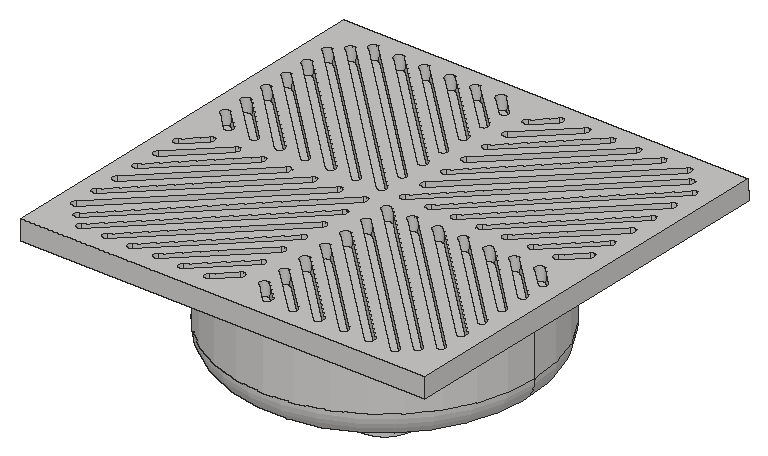
Revit family
Parameters (values of type "9635-S-2"")
  Width = 14"
  Waste Connection Radius = 1"
  Waste Connection Diameter = Waste Connection Radius * 2  # 2"
  Waste Connection = yes
  Vent Connection = no
  URL = "www.jrsmith.com"
  Price = "Prices may vary. Please consult Manufacturer Representative for most up-to-date price list."  # constant formula
  Phone Number = "416-250-5656"  # constant formula
  Omniclass Table 23 Title = "Waste Water Drains"  # constant formula
  Omniclass Table 23 Code = "23.70.50.21.24"  # constant formula
  Model = "9635-S-2\""
  Material = Metal-Jay R Smith-Stainless Steel
  Masterformat Title = "Sanitary Drains"  # constant formula
  Masterformat Number = "22 13 19.13"  # constant formula
  Manufacturer = "Jay R. Smith"
  Length = Width  # 14"
  Height = 6 3/4"
  HW Connection = no
  Description = "14\" Square top general purpose floor drain."
  Default Elevation = 0"
  Creation Date = "31/10/2014"  # constant formula
  Created By = "Allied Technical Services"  # constant formula
  CW Connection = no
  Assembly Code = "D2030300"
  ATS URL = "http://www.atsspec.net"
Types (13): name | Waste Connection Radius | Waste Connection Diameter | Model | Height
  (no name) | 1" | 2" | "9635-S-2\"" | 6 3/4"
  9635-S-2" | 1" | 2" | "9635-S-2\"" | 6 3/4"
  9635-S-3" | 1 1/2" | 3" | "9635-S-3\"" | 6 3/4"
  9635-S-4" | 2" | 4" | "9635-S-4\"" | 6 3/4"
  9636-S-2" | 1" | 2" | "9636-S-2\"" | 8 3/4"
  9636-S-3" | 1 1/2" | 3" | "9636-S-3\"" | 8 3/4"
  9636-S-4" | 2" | 4" | "9636-S-4\"" | 8 3/4"
  9637-S-2" | 1" | 2" | "9637-S-2\"" | 10 3/4"
  9637-S-3" | 1 1/2" | 3" | "9637-S-3\"" | 10 3/4"
  9637-S-4" | 2" | 4" | "9637-S-4\"" | 10 3/4"
  9638-S-2" | 1" | 2" | "9638-S-2\"" | 12 3/4"
  9638-S-3" | 1 1/2" | 3" | "9638-S-3\"" | 12 3/4"
  9638-S-4" | 2" | 4" | "9638-S-4\"" | 12 3/4"
Reference planes (in)
  plane 1 "Center (Front/Back)": y = 0
  plane 2: z = 0
  plane 3 "Center (Left/Right)": x = 0
  plane 4: x = -7
  plane 5: x = 7
  plane 6: z = 6.75
  plane 7: z = 2
  plane 8: x = -1
  plane 9: x = 1
  plane 10: z = 6.29324
  plane 11: z = 6.06577
  plane 12: x = 0
  plane 13: y = 0
Forms (in)
  Revolve 1, solid, material "Metal-Jay R Smith-Stainless Steel" <- "Material"
    sketch origin (0, 0, 0) x (1, 0, 0) y (0, 0, 1)
      loop
        line (-5.22646, 5.04867) -> (-5.22646, 3)
        arc (-5.22646, 3) -> (-4.93357, 2.29289) -> (-4.22646, 2) r 1
        line (-4.22646, 2) -> (-3.72646, 2) -> (-1.125, 1.74635) -> (-1.125, 0) -> (-1, 0) -> (-1, 6.29324) -> (-5.99909, 6.29324) -> (-5.99909, 5.55572)
        arc (-5.99909, 5.55572) -> (-5.95144, 5.44069) -> (-5.83641, 5.39304) r 0.16268
        line (-5.83641, 5.39304) -> (-5.57083, 5.39304)
        arc (-5.57083, 5.39304) -> (-5.32732, 5.29218) -> (-5.22646, 5.04867) r 0.34437
      axis (0, 0) -> (0, 6.29324)
    angle from 0 to 360
  Extrusion 2, solid, material "Metal-Jay R Smith-Stainless Steel" <- "Material"
    sketch origin (-43.90802, -54.52824, 1.75) x (1, 0, 0) y (0, 1, 0)
      loop
        line (36.90802, 61.52824) -> (36.90802, 47.52824) -> (50.90802, 47.52824) -> (50.90802, 61.52824) -> (36.90802, 61.52824)
    from 4.54324 to 4.31577
  Extrusion 3, solid, material "Metal-Jay R Smith-Stainless Steel" <- "Material"
    sketch origin (-35.92616, -38.2544, 0) x (1, 0, 0) y (0, 1, 0)
      loop
        line (28.92616, 31.2544) -> (42.92616, 31.2544) -> (42.92616, 45.2544) -> (28.92616, 45.2544) -> (28.92616, 31.2544)
      loop
        arc (30.10613, 38.55016) -> (30.32716, 38.55023) -> (30.32697, 38.77126) r 0.15625
        line (30.32697, 38.77126) -> (29.72404, 39.37419)
        arc (29.72404, 39.37419) -> (29.5031, 39.374) -> (29.50323, 39.15306) r 0.15625
        line (29.50323, 39.15306) -> (30.10613, 38.55016)
      loop
        arc (30.99006, 38.55011) -> (31.21107, 38.55025) -> (31.21086, 38.77125) r 0.15625
        line (31.21086, 38.77125) -> (29.72405, 40.25807)
        arc (29.72405, 40.25807) -> (29.50309, 40.25788) -> (29.50325, 40.03693) r 0.15625
        line (29.50325, 40.03693) -> (30.99006, 38.55011)
      loop
        arc (31.87397, 38.55009) -> (32.09485, 38.55014) -> (32.09498, 38.77102) r 0.15625
        line (32.09498, 38.77102) -> (29.7243, 41.14169)
        arc (29.7243, 41.14169) -> (29.50321, 41.14189) -> (29.50326, 40.9208) r 0.15625
        line (29.50326, 40.9208) -> (31.87397, 38.55009)
      loop
        arc (32.75786, 38.55008) -> (32.97874, 38.55016) -> (32.97885, 38.77103) r 0.15625
        line (32.97885, 38.77103) -> (29.7243, 42.02558)
        arc (29.7243, 42.02558) -> (29.5032, 42.02576) -> (29.50327, 41.80467) r 0.15625
        line (29.50327, 41.80467) -> (32.75786, 38.55008)
      loop
        arc (33.64166, 38.55016) -> (33.86259, 38.55012) -> (33.86272, 38.77105) r 0.15625
        line (33.86272, 38.77105) -> (29.72429, 42.90948)
        arc (29.72429, 42.90948) -> (29.5032, 42.90963) -> (29.50329, 42.68854) r 0.15625
        line (29.50329, 42.68854) -> (33.64166, 38.55016)
      loop
        arc (34.52554, 38.55016) -> (34.74652, 38.55016) -> (34.74652, 38.77113) r 0.15625
        line (34.74652, 38.77113) -> (29.72428, 43.79337)
        arc (29.72428, 43.79337) -> (29.50319, 43.79351) -> (29.50329, 43.57241) r 0.15625
        line (29.50329, 43.57241) -> (34.52554, 38.55016)
      loop
        arc (35.40943, 38.55016) -> (35.6304, 38.55016) -> (35.6304, 38.77113) r 0.15625
        line (35.6304, 38.77113) -> (30.16609, 44.23544)
        arc (30.16609, 44.23544) -> (29.94512, 44.23544) -> (29.94512, 44.01447) r 0.15625
        line (29.94512, 44.01447) -> (35.40943, 38.55016)
      loop
        arc (35.40943, 39.43405) -> (35.6304, 39.43405) -> (35.6304, 39.65502) r 0.15625
        line (35.6304, 39.65502) -> (30.60815, 44.67727)
        arc (30.60815, 44.67727) -> (30.38705, 44.67738) -> (30.3872, 44.45628) r 0.15625
        line (30.3872, 44.45628) -> (35.40943, 39.43405)
      loop
        arc (35.40934, 40.31802) -> (35.63036, 40.31789) -> (35.6304, 40.5389) r 0.15625
        line (35.6304, 40.5389) -> (31.49202, 44.67728)
        arc (31.49202, 44.67728) -> (31.27093, 44.67737) -> (31.27109, 44.45627) r 0.15625
        line (31.27109, 44.45627) -> (35.40934, 40.31802)
      loop
        arc (35.40933, 41.20191) -> (35.63031, 41.20172) -> (35.63048, 41.4227) r 0.15625
        line (35.63048, 41.4227) -> (32.3759, 44.67729)
        arc (32.3759, 44.67729) -> (32.1548, 44.67736) -> (32.15498, 44.45626) r 0.15625
        line (32.15498, 44.45626) -> (35.40933, 41.20191)
      loop
        arc (35.40932, 42.08581) -> (35.63031, 42.08561) -> (35.63047, 42.3066) r 0.15625
        line (35.63047, 42.3066) -> (33.25977, 44.6773)
        arc (33.25977, 44.6773) -> (33.03868, 44.67735) -> (33.03887, 44.45626) r 0.15625
        line (33.03887, 44.45626) -> (35.40932, 42.08581)
      loop
        arc (35.40931, 42.9697) -> (35.63031, 42.96949) -> (35.63045, 43.1905) r 0.15625
        line (35.63045, 43.1905) -> (34.14364, 44.67731)
        arc (34.14364, 44.67731) -> (33.92268, 44.67747) -> (33.92249, 44.45651) r 0.15625
        line (33.92249, 44.45651) -> (35.40931, 42.9697)
      loop
        arc (35.4093, 43.85359) -> (35.63034, 43.8534) -> (35.6304, 44.07444) r 0.15625
        line (35.6304, 44.07444) -> (35.0275, 44.67733)
        arc (35.0275, 44.67733) -> (34.80656, 44.67747) -> (34.80637, 44.45652) r 0.15625
        line (34.80637, 44.45652) -> (35.4093, 43.85359)
      loop
        line (41.7462, 38.55016) -> (42.3491, 39.15306)
        arc (42.3491, 39.15306) -> (42.34923, 39.374) -> (42.12829, 39.37419) r 0.15625
        line (42.12829, 39.37419) -> (41.52536, 38.77126)
        arc (41.52536, 38.77126) -> (41.52517, 38.55023) -> (41.7462, 38.55016) r 0.15625
      loop
        line (40.86226, 38.55011) -> (42.34908, 40.03693)
        arc (42.34908, 40.03693) -> (42.34923, 40.25788) -> (42.12828, 40.25807) r 0.15625
        line (42.12828, 40.25807) -> (40.64147, 38.77125)
        arc (40.64147, 38.77125) -> (40.64126, 38.55025) -> (40.86226, 38.55011) r 0.15625
      loop
        line (39.97836, 38.55009) -> (42.34907, 40.9208)
        arc (42.34907, 40.9208) -> (42.34911, 41.14189) -> (42.12802, 41.14169) r 0.15625
        line (42.12802, 41.14169) -> (39.75735, 38.77102)
        arc (39.75735, 38.77102) -> (39.75748, 38.55014) -> (39.97836, 38.55009) r 0.15625
      loop
        line (39.09446, 38.55008) -> (42.34905, 41.80467)
        arc (42.34905, 41.80467) -> (42.34912, 42.02576) -> (42.12803, 42.02558) r 0.15625
        line (42.12803, 42.02558) -> (38.87348, 38.77103)
        arc (38.87348, 38.77103) -> (38.87359, 38.55016) -> (39.09446, 38.55008) r 0.15625
      loop
        line (38.21067, 38.55016) -> (42.34904, 42.68854)
        arc (42.34904, 42.68854) -> (42.34913, 42.90963) -> (42.12804, 42.90948) r 0.15625
        line (42.12804, 42.90948) -> (37.98961, 38.77105)
        arc (37.98961, 38.77105) -> (37.98974, 38.55012) -> (38.21067, 38.55016) r 0.15625
      loop
        line (37.32678, 38.55016) -> (42.34903, 43.57241)
        arc (42.34903, 43.57241) -> (42.34914, 43.79351) -> (42.12804, 43.79337) r 0.15625
        line (42.12804, 43.79337) -> (37.10581, 38.77113)
        arc (37.10581, 38.77113) -> (37.10581, 38.55016) -> (37.32678, 38.55016) r 0.15625
      loop
        line (36.4429, 38.55016) -> (41.90721, 44.01447)
        arc (41.90721, 44.01447) -> (41.90721, 44.23544) -> (41.68624, 44.23544) r 0.15625
        line (41.68624, 44.23544) -> (36.22193, 38.77113)
        arc (36.22193, 38.77113) -> (36.22193, 38.55016) -> (36.4429, 38.55016) r 0.15625
      loop
        line (36.4429, 39.43405) -> (41.46513, 44.45628)
        arc (41.46513, 44.45628) -> (41.46527, 44.67738) -> (41.24418, 44.67727) r 0.15625
        line (41.24418, 44.67727) -> (36.22193, 39.65502)
        arc (36.22193, 39.65502) -> (36.22193, 39.43405) -> (36.4429, 39.43405) r 0.15625
      loop
        line (36.44299, 40.31802) -> (40.58124, 44.45627)
        arc (40.58124, 44.45627) -> (40.5814, 44.67737) -> (40.3603, 44.67728) r 0.15625
        line (40.3603, 44.67728) -> (36.22193, 40.5389)
        arc (36.22193, 40.5389) -> (36.22197, 40.31789) -> (36.44299, 40.31802) r 0.15625
      loop
        line (36.443, 41.20191) -> (39.69735, 44.45626)
        arc (39.69735, 44.45626) -> (39.69753, 44.67736) -> (39.47643, 44.67729) r 0.15625
        line (39.47643, 44.67729) -> (36.22184, 41.4227)
        arc (36.22184, 41.4227) -> (36.22202, 41.20172) -> (36.443, 41.20191) r 0.15625
      loop
        line (36.44301, 42.08581) -> (38.81346, 44.45626)
        arc (38.81346, 44.45626) -> (38.81365, 44.67735) -> (38.59256, 44.6773) r 0.15625
        line (38.59256, 44.6773) -> (36.22186, 42.3066)
        arc (36.22186, 42.3066) -> (36.22202, 42.08561) -> (36.44301, 42.08581) r 0.15625
      loop
        line (36.44302, 42.9697) -> (37.92983, 44.45651)
        arc (37.92983, 44.45651) -> (37.92965, 44.67747) -> (37.70869, 44.67731) r 0.15625
        line (37.70869, 44.67731) -> (36.22187, 43.1905)
        arc (36.22187, 43.1905) -> (36.22201, 42.96949) -> (36.44302, 42.9697) r 0.15625
      loop
        line (36.44303, 43.85359) -> (37.04596, 44.45652)
        arc (37.04596, 44.45652) -> (37.04577, 44.67747) -> (36.82483, 44.67733) r 0.15625
        line (36.82483, 44.67733) -> (36.22193, 44.07444)
        arc (36.22193, 44.07444) -> (36.22199, 43.8534) -> (36.44303, 43.85359) r 0.15625
      loop
        line (30.10613, 37.95863) -> (29.50323, 37.35574)
        arc (29.50323, 37.35574) -> (29.5031, 37.1348) -> (29.72404, 37.1346) r 0.15625
        line (29.72404, 37.1346) -> (30.32697, 37.73754)
        arc (30.32697, 37.73754) -> (30.32716, 37.95857) -> (30.10613, 37.95863) r 0.15625
      loop
        line (30.99006, 37.95869) -> (29.50325, 36.47187)
        arc (29.50325, 36.47187) -> (29.50309, 36.25092) -> (29.72405, 36.25073) r 0.15625
        line (29.72405, 36.25073) -> (31.21086, 37.73754)
        arc (31.21086, 37.73754) -> (31.21107, 37.95855) -> (30.99006, 37.95869) r 0.15625
      loop
        line (31.87397, 37.95871) -> (29.50326, 35.588)
        arc (29.50326, 35.588) -> (29.50321, 35.36691) -> (29.7243, 35.3671) r 0.15625
        line (29.7243, 35.3671) -> (32.09498, 37.73777)
        arc (32.09498, 37.73777) -> (32.09485, 37.95865) -> (31.87397, 37.95871) r 0.15625
      loop
        line (32.75786, 37.95872) -> (29.50327, 34.70413)
        arc (29.50327, 34.70413) -> (29.5032, 34.48304) -> (29.7243, 34.48321) r 0.15625
        line (29.7243, 34.48321) -> (32.97885, 37.73776)
        arc (32.97885, 37.73776) -> (32.97874, 37.95864) -> (32.75786, 37.95872) r 0.15625
      loop
        line (33.64166, 37.95863) -> (29.50329, 33.82026)
        arc (29.50329, 33.82026) -> (29.5032, 33.59916) -> (29.72429, 33.59932) r 0.15625
        line (29.72429, 33.59932) -> (33.86272, 37.73775)
        arc (33.86272, 37.73775) -> (33.86259, 37.95868) -> (33.64166, 37.95863) r 0.15625
      loop
        line (34.52554, 37.95863) -> (29.50329, 32.93638)
        arc (29.50329, 32.93638) -> (29.50319, 32.71529) -> (29.72428, 32.71543) r 0.15625
        line (29.72428, 32.71543) -> (34.74652, 37.73766)
        arc (34.74652, 37.73766) -> (34.74652, 37.95863) -> (34.52554, 37.95863) r 0.15625
      loop
        line (35.40943, 37.95863) -> (29.94512, 32.49433)
        arc (29.94512, 32.49433) -> (29.94512, 32.27335) -> (30.16609, 32.27335) r 0.15625
        line (30.16609, 32.27335) -> (35.6304, 37.73766)
        arc (35.6304, 37.73766) -> (35.6304, 37.95863) -> (35.40943, 37.95863) r 0.15625
      loop
        line (35.40943, 37.07475) -> (30.3872, 32.05252)
        arc (30.3872, 32.05252) -> (30.38705, 31.83142) -> (30.60815, 31.83153) r 0.15625
        line (30.60815, 31.83153) -> (35.6304, 36.85378)
        arc (35.6304, 36.85378) -> (35.6304, 37.07475) -> (35.40943, 37.07475) r 0.15625
      loop
        line (35.40934, 36.19078) -> (31.27109, 32.05253)
        arc (31.27109, 32.05253) -> (31.27093, 31.83143) -> (31.49202, 31.83152) r 0.15625
        line (31.49202, 31.83152) -> (35.6304, 35.9699)
        arc (35.6304, 35.9699) -> (35.63036, 36.19091) -> (35.40934, 36.19078) r 0.15625
      loop
        line (35.40933, 35.30688) -> (32.15498, 32.05253)
        arc (32.15498, 32.05253) -> (32.1548, 31.83144) -> (32.3759, 31.83151) r 0.15625
        line (32.3759, 31.83151) -> (35.63048, 35.0861)
        arc (35.63048, 35.0861) -> (35.63031, 35.30708) -> (35.40933, 35.30688) r 0.15625
      loop
        line (35.40932, 34.42299) -> (33.03887, 32.05254)
        arc (33.03887, 32.05254) -> (33.03868, 31.83145) -> (33.25977, 31.8315) r 0.15625
        line (33.25977, 31.8315) -> (35.63047, 34.2022)
        arc (35.63047, 34.2022) -> (35.63031, 34.42319) -> (35.40932, 34.42299) r 0.15625
      loop
        line (35.40931, 33.5391) -> (33.92249, 32.05228)
        arc (33.92249, 32.05228) -> (33.92268, 31.83133) -> (34.14364, 31.83148) r 0.15625
        line (34.14364, 31.83148) -> (35.63045, 33.3183)
        arc (35.63045, 33.3183) -> (35.63031, 33.5393) -> (35.40931, 33.5391) r 0.15625
      loop
        line (35.4093, 32.65521) -> (34.80637, 32.05227)
        arc (34.80637, 32.05227) -> (34.80656, 31.83133) -> (35.0275, 31.83147) r 0.15625
        line (35.0275, 31.83147) -> (35.6304, 32.43436)
        arc (35.6304, 32.43436) -> (35.63034, 32.6554) -> (35.4093, 32.65521) r 0.15625
      loop
        arc (41.7462, 37.95863) -> (41.52517, 37.95857) -> (41.52536, 37.73754) r 0.15625
        line (41.52536, 37.73754) -> (42.12829, 37.1346)
        arc (42.12829, 37.1346) -> (42.34923, 37.1348) -> (42.3491, 37.35574) r 0.15625
        line (42.3491, 37.35574) -> (41.7462, 37.95863)
      loop
        arc (40.86226, 37.95869) -> (40.64126, 37.95855) -> (40.64147, 37.73754) r 0.15625
        line (40.64147, 37.73754) -> (42.12828, 36.25073)
        arc (42.12828, 36.25073) -> (42.34923, 36.25092) -> (42.34908, 36.47187) r 0.15625
        line (42.34908, 36.47187) -> (40.86226, 37.95869)
      loop
        arc (39.97836, 37.95871) -> (39.75748, 37.95865) -> (39.75735, 37.73777) r 0.15625
        line (39.75735, 37.73777) -> (42.12802, 35.3671)
        arc (42.12802, 35.3671) -> (42.34911, 35.36691) -> (42.34907, 35.588) r 0.15625
        line (42.34907, 35.588) -> (39.97836, 37.95871)
      loop
        arc (39.09446, 37.95872) -> (38.87359, 37.95864) -> (38.87348, 37.73776) r 0.15625
        line (38.87348, 37.73776) -> (42.12803, 34.48321)
        arc (42.12803, 34.48321) -> (42.34912, 34.48304) -> (42.34905, 34.70413) r 0.15625
        line (42.34905, 34.70413) -> (39.09446, 37.95872)
      loop
        arc (38.21067, 37.95863) -> (37.98974, 37.95868) -> (37.98961, 37.73775) r 0.15625
        line (37.98961, 37.73775) -> (42.12804, 33.59932)
        arc (42.12804, 33.59932) -> (42.34913, 33.59916) -> (42.34904, 33.82026) r 0.15625
        line (42.34904, 33.82026) -> (38.21067, 37.95863)
      loop
        arc (37.32678, 37.95863) -> (37.10581, 37.95863) -> (37.10581, 37.73766) r 0.15625
        line (37.10581, 37.73766) -> (42.12804, 32.71543)
        arc (42.12804, 32.71543) -> (42.34914, 32.71529) -> (42.34903, 32.93638) r 0.15625
        line (42.34903, 32.93638) -> (37.32678, 37.95863)
      loop
        arc (36.4429, 37.95863) -> (36.22193, 37.95863) -> (36.22193, 37.73766) r 0.15625
        line (36.22193, 37.73766) -> (41.68624, 32.27335)
        arc (41.68624, 32.27335) -> (41.90721, 32.27335) -> (41.90721, 32.49433) r 0.15625
        line (41.90721, 32.49433) -> (36.4429, 37.95863)
      loop
        arc (36.4429, 37.07475) -> (36.22193, 37.07475) -> (36.22193, 36.85378) r 0.15625
        line (36.22193, 36.85378) -> (41.24418, 31.83153)
        arc (41.24418, 31.83153) -> (41.46527, 31.83142) -> (41.46513, 32.05252) r 0.15625
        line (41.46513, 32.05252) -> (36.4429, 37.07475)
      loop
        arc (36.44299, 36.19078) -> (36.22197, 36.19091) -> (36.22193, 35.9699) r 0.15625
        line (36.22193, 35.9699) -> (40.3603, 31.83152)
        arc (40.3603, 31.83152) -> (40.5814, 31.83143) -> (40.58124, 32.05253) r 0.15625
        line (40.58124, 32.05253) -> (36.44299, 36.19078)
      loop
        arc (36.443, 35.30688) -> (36.22202, 35.30708) -> (36.22184, 35.0861) r 0.15625
        line (36.22184, 35.0861) -> (39.47643, 31.83151)
        arc (39.47643, 31.83151) -> (39.69753, 31.83144) -> (39.69735, 32.05253) r 0.15625
        line (39.69735, 32.05253) -> (36.443, 35.30688)
      loop
        arc (36.44301, 34.42299) -> (36.22202, 34.42319) -> (36.22186, 34.2022) r 0.15625
        line (36.22186, 34.2022) -> (38.59256, 31.8315)
        arc (38.59256, 31.8315) -> (38.81365, 31.83145) -> (38.81346, 32.05254) r 0.15625
        line (38.81346, 32.05254) -> (36.44301, 34.42299)
      loop
        arc (36.44302, 33.5391) -> (36.22201, 33.5393) -> (36.22187, 33.3183) r 0.15625
        line (36.22187, 33.3183) -> (37.70869, 31.83148)
        arc (37.70869, 31.83148) -> (37.92965, 31.83133) -> (37.92983, 32.05228) r 0.15625
        line (37.92983, 32.05228) -> (36.44302, 33.5391)
      loop
        arc (36.44303, 32.65521) -> (36.22199, 32.6554) -> (36.22193, 32.43436) r 0.15625
        line (36.22193, 32.43436) -> (36.82483, 31.83147)
        arc (36.82483, 31.83147) -> (37.04577, 31.83133) -> (37.04596, 32.05227) r 0.15625
        line (37.04596, 32.05227) -> (36.44303, 32.65521)
    from 6.29324 to 6.75
Cuts and joins
  joined: Revolve 1, Extrusion 2, Extrusion 3
Dimensions and locks (in)
  "Height": plane 6 to plane 2
  "Waste Connection Diameter": plane 9 to plane 8
  "Width": plane 5 to plane 4
  plane 7 to level = 2"
  equal spacing: plane 9, plane 3 "Center (Left/Right)", plane 8
  equal spacing: plane 5, plane 3 "Center (Left/Right)", plane 4
  locked: plane 8 to Revolve 1 sketch curve at 0.125
  locked: Revolve 1 sketch curve to plane 4 at 1.00091
  locked: Revolve 1 sketch curve to plane 4 at 1.77354
  locked: plane 6 to plane 10 at 0.45676
  locked: plane 10 to plane 11 at 0.22747
  plane 6 to plane 7 = 4 3/4"
  aligned and locked: plane 8 to Revolve 1 sketch curve
  aligned and locked: Revolve 1 sketch curve to plane 7
  aligned: plane 10 to Extrusion 2
  aligned and locked: Revolve 1 to Extrusion 2
  aligned and locked: Extrusion 2 to plane 11
  aligned and locked: plane 10 to Extrusion 2
  aligned and locked: Extrusion 3 to plane 10
  aligned and locked: plane 6 to Extrusion 3
Automatic sketch dimensions
  Extrusion 2 sketch curve to plane 4 = 0"
  Extrusion 2 sketch curve to plane 5 = 0"
  plane 1 "Center (Front/Back)" to Extrusion 2 sketch curve = 7"
  Extrusion 2 sketch curve to plane 1 "Center (Front/Back)" = 7"
  Revolve 1 sketch curve to plane 3 "Center (Left/Right)" = 0"
  Revolve 1 sketch curve to level = 0"
  plane 11 to Revolve 1 sketch curve = 0.22747"
  Revolve 1 sketch curve to Revolve 1 sketch curve = 0.16268"
  Revolve 1 sketch curve to Revolve 1 sketch curve = 0.26558"
  Revolve 1 sketch curve to Revolve 1 sketch curve = 1"
  Revolve 1 sketch curve to Revolve 1 sketch curve = 1/2"
  Revolve 1 sketch curve to level = 1 3/4"
  Revolve 1 sketch curve to Revolve 1 sketch curve = 3/4"
  Revolve 1 sketch curve to plane 7 = 0.25365"
  Revolve 1 sketch curve to plane 11 = 1.0171"
  Extrusion 3 sketch curve to plane 12 = 7"
  Extrusion 3 sketch curve to plane 13 = 0.89866"
  Extrusion 3 sketch curve to Extrusion 3 sketch curve = 0.57707"
  plane 13 to Extrusion 3 sketch curve = 0.89866"  (x2)
  Extrusion 3 sketch curve to Extrusion 3 sketch curve = 0"  (x32)
  Extrusion 3 sketch curve to plane 13 = 1.78253"
  plane 13 to Extrusion 3 sketch curve = 2.6664"  (x2)
  Extrusion 3 sketch curve to plane 13 = 2.6664"  (x2)
  Extrusion 3 sketch curve to Extrusion 3 sketch curve = 0.11037"  (x20)
  Extrusion 3 sketch curve to Extrusion 3 sketch curve = 0.11039"  (x9)
  Extrusion 3 sketch curve to Extrusion 3 sketch curve = 0.11038"  (x17)
  Extrusion 3 sketch curve to Extrusion 3 sketch curve = 0.11042"  (x4)
  Extrusion 3 sketch curve to Extrusion 3 sketch curve = 0.1104"  (x11)
  Extrusion 3 sketch curve to Extrusion 3 sketch curve = 0.11043"  (x8)
  plane 13 to Extrusion 3 sketch curve = 1.1198"
  Extrusion 3 sketch curve to plane 13 = 2.00367"
  Extrusion 3 sketch curve to Extrusion 3 sketch curve = 0.11062"  (x8)
  Extrusion 3 sketch curve to Extrusion 3 sketch curve = 0.11063"  (x16)
  plane 13 to Extrusion 3 sketch curve = 3.77119"
  Extrusion 3 sketch curve to Extrusion 3 sketch curve = 0.11064"  (x8)
  Extrusion 3 sketch curve to plane 13 = 2.8873"  (x2)
  Extrusion 3 sketch curve to Extrusion 3 sketch curve = 0.22084"  (x8)
  Extrusion 3 sketch curve to Extrusion 3 sketch curve = 0.11049"  (x66)
  Extrusion 3 sketch curve to plane 13 = 0.29576"  (x4)
  Extrusion 3 sketch curve to Extrusion 3 sketch curve = 0.6029"  (x3)
  plane 13 to Extrusion 3 sketch curve = 0.29576"  (x8)
  Extrusion 3 sketch curve to Extrusion 3 sketch curve = 0.11036"  (x8)
  Extrusion 3 sketch curve to Extrusion 3 sketch curve = 0.2211"  (x9)
  Extrusion 3 sketch curve to Extrusion 3 sketch curve = 0.11035"  (x4)
  Extrusion 3 sketch curve to Extrusion 3 sketch curve = 0.1106"  (x25)
  plane 13 to Extrusion 3 sketch curve = 0.29571"  (x2)
  Extrusion 3 sketch curve to Extrusion 3 sketch curve = 0.66309"  (x7)
  Extrusion 3 sketch curve to plane 13 = 0.29571"  (x2)
  Extrusion 3 sketch curve to plane 13 = 0.51685"
  plane 13 to Extrusion 3 sketch curve = 0.51685"
  Extrusion 3 sketch curve to Extrusion 3 sketch curve = 0.66294"  (x8)
  Extrusion 3 sketch curve to Extrusion 3 sketch curve = 0.11034"  (x8)
  Extrusion 3 sketch curve to Extrusion 3 sketch curve = 0.11059"  (x21)
  Extrusion 3 sketch curve to plane 13 = 0.29569"
  Extrusion 3 sketch curve to Extrusion 3 sketch curve = 0.6631"  (x7)
  Extrusion 3 sketch curve to Extrusion 3 sketch curve = 0.11041"  (x4)
  plane 13 to Extrusion 3 sketch curve = 0.51663"
  Extrusion 3 sketch curve to Extrusion 3 sketch curve = 0.66295"  (x8)
  Extrusion 3 sketch curve to Extrusion 3 sketch curve = 0.11058"  (x7)
  plane 13 to Extrusion 3 sketch curve = 0.29568"  (x2)
  Extrusion 3 sketch curve to Extrusion 3 sketch curve = 0.66289"  (x3)
  Extrusion 3 sketch curve to plane 13 = 0.51664"
  Extrusion 3 sketch curve to Extrusion 3 sketch curve = 0.66297"  (x7)
  Extrusion 3 sketch curve to Extrusion 3 sketch curve = 0.11033"  (x4)
  Extrusion 3 sketch curve to Extrusion 3 sketch curve = 0.11057"  (x20)
  Extrusion 3 sketch curve to Extrusion 3 sketch curve = 0.66281"  (x3)
  Extrusion 3 sketch curve to plane 13 = 0.51665"  (x2)
  Extrusion 3 sketch curve to Extrusion 3 sketch curve = 0.66273"  (x11)
  Extrusion 3 sketch curve to Extrusion 3 sketch curve = 0.11056"  (x11)
  Extrusion 3 sketch curve to Extrusion 3 sketch curve = 0.66282"  (x3)
  plane 13 to Extrusion 3 sketch curve = 0.51674"
  Extrusion 3 sketch curve to plane 13 = 0.51674"  (x4)
  Extrusion 3 sketch curve to Extrusion 3 sketch curve = 0.11054"  (x10)
  Extrusion 3 sketch curve to plane 12 = 0.51686"  (x2)
  Extrusion 3 sketch curve to plane 12 = 0.51685"  (x4)
  Extrusion 3 sketch curve to plane 12 = 0.51684"  (x2)
  Extrusion 3 sketch curve to plane 12 = 0.51682"  (x2)
  Extrusion 3 sketch curve to plane 12 = 0.51674"  (x4)
  Extrusion 3 sketch curve to Extrusion 3 sketch curve = 0.11061"  (x5)
  plane 12 to Extrusion 3 sketch curve = 0.29568"  (x2)
  plane 12 to Extrusion 3 sketch curve = 0.29569"  (x2)
  plane 12 to Extrusion 3 sketch curve = 0.29571"  (x2)
  plane 12 to Extrusion 3 sketch curve = 0.29576"  (x8)
  Extrusion 3 sketch curve to Extrusion 3 sketch curve = 0.66291"  (x4)
  Extrusion 3 sketch curve to plane 13 = 0.29568"
  Extrusion 3 sketch curve to plane 13 = 0.51663"
  plane 13 to Extrusion 3 sketch curve = 0.51686"
  Extrusion 3 sketch curve to Extrusion 3 sketch curve = 0.60267"  (x6)
  Extrusion 3 sketch curve to Extrusion 3 sketch curve = 0.00026"  (x6)
  Extrusion 3 sketch curve to Extrusion 3 sketch curve = 0.60293"  (x6)
  plane 13 to Extrusion 3 sketch curve = 1.78253"
  Extrusion 3 sketch curve to Extrusion 3 sketch curve = 1.12944"  (x3)
  Extrusion 3 sketch curve to Extrusion 3 sketch curve = 2.43078"
  Extrusion 3 sketch curve to Extrusion 3 sketch curve = 0.66311"  (x4)
  Extrusion 3 sketch curve to Extrusion 3 sketch curve = 0.66301"  (x3)
  Extrusion 3 sketch curve to Extrusion 3 sketch curve = 0.663"  (x3)
  Extrusion 3 sketch curve to Extrusion 3 sketch curve = 0.22113"
  Extrusion 3 sketch curve to plane 13 = 0.51686"
  Extrusion 3 sketch curve to Extrusion 3 sketch curve = 0.22114"
  Extrusion 3 sketch curve to Extrusion 3 sketch curve = 0.22096"
  Extrusion 3 sketch curve to Extrusion 3 sketch curve = 0.22093"
  plane 13 to Extrusion 3 sketch curve = 0.29569"  (x2)
  Extrusion 3 sketch curve to Extrusion 3 sketch curve = 0.22092"
Connectors (in)
  piping at (0, 0, 0), driven by "Waste Connection Radius"
    settings: on Revolve 1, index 1
